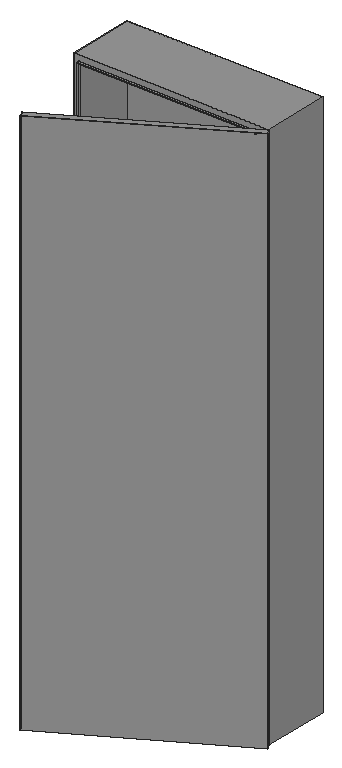
Revit family "Hager-Univers-IP54-D205-H1550-Cl.I-Encl-NoHosted-CH-de", category Equipement électrique, Revit 2020
Family settings
  Configuration du panneau = Deux colonnes, circuits au sein
  Cote de connecteur circulaire = Utiliser le diamètre
  Type d'élément = Tableau de raccordement
  Basée sur le plan de construction = Oui
  Toujours verticalement = Oui
  Couper avec des vides une fois chargée = Non
  Partagée = Non
  Point de calcul de pièce = Non
Parameters (values of type "Aufputz IP54 B550 H1550 T205  - FP02TW2")
  Width Control [instance] = if([EF000008 - Breite] > Min Width, [EF000008 - Breite], Min Width)  # 550 mm
  Commentaires du type = [HG000003 - Bereich]  # "Univers"
  Thickness Door [instance] = if([EF009171 - Materialstärke Tür/Deckel] > 3 mm, 3 mm, [EF009171 - Materialstärke Tür/Deckel])  # 1 mm
  Seal Frame Offset [instance] = 17 mm  # constant formula
  Plinth Visibility [instance] = [HG000027 - Sockelhöhe] > 0 mm  # no
  Min Width [instance] = 100 mm  # constant formula
  Min Depth [instance] = (2 * [EF009170 - Materialstärke Gehäuse]) + 1 mm  # 3 mm
  Min Height [instance] = 100 mm  # constant formula
  Internal Frame Depth [instance] = (Door System Depth * 0.5)  # 9 mm
  Panel Name [instance] = ""  # (empty or 0)
  Model = ""
  HG000027 - Sockelhöhe = 0 mm
  HG000026 - Stehend auf dem Boden = no
  HG000024 - Höhe des unteren Teils = 600 mm
  HG000023 - Gehäuse mit doppeltem Querschnitt = no
  HG000016 - 3D-Türsichtbarkeit [instance] = yes
  HG000015 - Sichtbarkeit der Türöffnung [instance] = no
  HG000014 - Tür rechts [instance] = yes
  HG000013 - Tür links [instance] = not([HG000014 - Tür rechts])  # no
  HG000012 - Türschwenkwinkel [instance] = 30.00°
  HG000010 - Asymmetrische Türen = no
  HG000009 - Doppelflügeligen Tür = no
  HG000006 - Unterputz = no
  HG000004 - Herstellerreferenz = "FP02TW2"
  HG000003 - Bereich = "Univers"
  HG000002 - Mit tür = yes
  Frame Offset Bottom [instance] = 10 mm  # constant formula
  Frame Offset [instance] = 15 mm  # constant formula
  EF015940 - Deckel mit Überdruckentlastung = no
  EF011959 - Schutzart (NEMA) = ""
  EF009554 - Anzahl der Öffnungen für Flanschplatten = 4
  EF009212 - Ausführung Deckel = "EV000116 - geschlossen"
  EF009171 - Materialstärke Tür/Deckel = 1 mm
  EF009170 - Materialstärke Gehäuse = 1 mm
  EF008873 - Nennstrom (In) = 250 A
  EF007800 - Geeignet für Blitzschutz = no
  EF006306 - Mit Schloss = no
  EF006244 - Transparenter Deckel/Tür = no
  EF005474 - Schutzart (IP) = "EV006419 - IP54"
  EF004464 - Art der Tür = "EV002646 - Einzel"
  EF004427 - Anzahl der Module = 240
  EF004293 - Schlagfestigkeit = "EV006815 - IK09"
  EF003532 - Geeignet für Außengebrauch = no
  EF002950 - Breite in Teilungseinheiten = 24
  EF001613 - Funktionserhalt = "EV000494 - ohne"
  EF001596 - Werkstoff des Gehäuses = "EV000179 - Stahl"
  EF001131 - Innentiefe = 205 mm
  EF001088 - Anbaumöglichkeit = yes
  EF000437 - Anzahl der Leitungseinführungen = 4
  EF000339 - Art der Abdeckung = "EV001012 - Deckel"
  EF000266 - Anzahl der Reihen = 10
  EF000218 - Einbautiefe = 205 mm
  EF000118 - Mit Montageplatte = no
  EF000116 - RAL-Nummer = "9010"
  EF000049 - Tiefe = 205 mm
  EF000040 - Höhe = 1550 mm
  EF000008 - Breite = 550 mm
  EF000007 - Farbe = "EV000202 - weiß"
  EF000003 - Montageart = "EV000384 - Aufputz"
  Door System Leaf Tolerance [instance] = 1.5 mm  # constant formula
  Door System Depth [instance] = 18 mm  # constant formula
  Door Height [instance] = Height Control - [HG000027 - Sockelhöhe]  # 1550 mm
  Description = ""
  Default Elevation = 1219.2 mm
  Connector Offset [instance] = Height Control / 2  # 775 mm
  Fabricant = "Hager"  # constant formula
  Height Control [instance] = if([EF000040 - Höhe] > Min Height, [EF000040 - Höhe], Min Height)  # 1550 mm
  Depth Control [instance] = if([EF000049 - Tiefe] > Min Depth, [EF000049 - Tiefe], Min Depth)  # 205 mm
  Bottom Top Plate Trim [instance] = 1.5 mm  # constant formula
  Plinth height Ctrl [instance] = if([HG000027 - Sockelhöhe] > 0 mm, [HG000027 - Sockelhöhe], 12 mm)  # 12 mm
Types (2, lengths in mm): name | Width Control | HG000004 - Herstellerreferenz | EF009554 - Anzahl der Öffnungen für Flanschplatten | EF004427 - Anzahl der Module | EF002950 - Breite in Teilungseinheiten | EF000437 - Anzahl der Leitungseinführungen | EF000008 - Breite
  Aufputz IP54 B300 H1550 T205  - FP01TW2 | 300 | "FP01TW2" | 2 | 120 | 12 | 2 | 300
  Aufputz IP54 B550 H1550 T205  - FP02TW2 | 550 | "FP02TW2" | 4 | 240 | 24 | 4 | 550
Reference planes
  plane 1 "Center (Front/Back)": y = 0
  plane 2: z = 0
  plane 3 "Center (Left/Right)": x = 0
  plane 4: y = 0
  plane 5: y = 0
  plane 6: z = 0
  plane 7: x = -275
  plane 8: x = 275
  plane 9: x = 274
  plane 10: x = -274
  plane 11: z = 0
  plane 12: z = 1
  plane 13: y = -205
  plane 14: y = -1
  plane 15: x = 0
  plane 16: y = -187
  plane 17: y = -204
  plane 18: y = -186
  plane 19: x = -259
  plane 20: x = 259
  plane 21: z = 11
  plane 22: x = -258
  plane 23: x = 258
  plane 24: z = 0
  plane 25: z = 1550
  plane 26: z = 1550
  plane 27: z = 1534
  plane 28: z = 1549
Forms (mm)
  Extrusion 1, solid, material "Hager_Steel_RAL7035_Light_Grey", detail levels medium+fine
    sketch origin (-208.679, -4572, 0) x (-1, 0, 0) y (0, -1, 0)
      loop
        line (66.321, -4385) -> (-483.679, -4385) -> (-483.679, -4572) -> (66.321, -4572) -> (66.321, -4385)
    from 0 to 1550
  Extrusion 2, void
    sketch origin (-350.771, -205, 1219.2) x (1, 0, 0) y (0, 0, 1)
      loop
        line (76.771, 329.8) -> (76.771, -1218.2) -> (624.771, -1218.2) -> (624.771, 329.8) -> (76.771, 329.8)
    from -19 to -204
  Extrusion 3, void
    sketch origin (-290.084, -187, 1219.2) x (1, 0, 0) y (0, 0, 1)
      loop
        line (31.084, -1208.2) -> (549.084, -1208.2) -> (549.084, 314.8) -> (31.084, 314.8) -> (31.084, -1208.2)
    from 0 to -1
  Extrusion 4, solid, material "Hager_Steel_RAL7035_Light_Grey", visible <- "Plinth Visibility", detail levels medium+fine
    sketch origin (0, 0, 0) x (1, 0, 0) y (0, 1, 0)
      loop
        line (-275, 0) -> (-275, -187) -> (275, -187) -> (275, 0) -> (-275, 0)
    from 0 to 12 <- "Plinth height Ctrl"
  Extrusion 5, solid, material "Hager_Steel_RAL7035_Light_Grey", detail levels coarse
    sketch origin (0, 0, 0) x (1, 0, 0) y (0, 1, 0)
      loop
        line (-275, 0) -> (-275, -205) -> (275, -205) -> (275, 0) -> (-275, 0)
    from 0 to 1550 <- "Height Control"
  Sweep 6, void
    path in 3D
      loop
        line (-275, -187, 12) -> (275, -187, 12) -> (275, 0, 12) -> (-275, 0, 12) -> (-275, -187, 12)
    profile origin (-275, -93.5, 12) x (1, 0, 0) y (0, 0, 1)
      loop
        line (0, 0) -> (0, -1.5) -> (1.5, -1.5)
        arc (1.5, -1.5) -> (1.061, -0.439) -> (0, 0) r 1.5
  Extrusion 7, solid, material "Hager_Steel_RAL7035_Light_Grey", detail levels fine
    sketch origin (-275, -187, 0) x (1, 0, 0) y (0, 0, 1)
      loop
        line (16, 11) -> (534, 11) -> (534, 1534) -> (16, 1534) -> (16, 11)
      loop
        line (15, 10) -> (535, 10) -> (535, 1535) -> (15, 1535) -> (15, 10)
    from 0 to 9 <- "Internal Frame Depth"
Cuts and joins
  Extrusion 2, Extrusion 3 cuts Extrusion 1
  Sweep 6 cuts Extrusion 4
Lines and regions (mm)
  Masking region 1
    outline origin (0, 0, 0) x (1, 0, 0) y (0, 1, 0)
      loop
        line (-275, 0) -> (-275, -205) -> (275, -205) -> (275, 0) -> (-275, 0)
  Masking region 2, detail levels coarse
    outline origin (-290.084, -187, 1219.2) x (-1, 0, 0) y (0, 0, 1)
      loop
        line (-565.084, -1219.2) -> (-15.084, -1219.2) -> (-15.084, 330.8) -> (-565.084, 330.8) -> (-565.084, -1219.2)
  Masking region 3, detail levels coarse
    outline origin (0, 0, 0) x (0, 1, 0) y (0, 0, 1)
      loop
        line (0, 0) -> (0, 1550) -> (-205, 1550) -> (-205, 0) -> (0, 0)
  Masking region 4, visible <- "Plinth Visibility", detail levels medium+fine
    outline origin (0, 0, 0) x (0, 1, 0) y (0, 0, 1)
      loop
        line (-1.5, 12) -> (-185.5, 12)
        arc (-185.5, 12) -> (-185.939, 10.939) -> (-187, 10.5) r 1.5
        line (-187, 10.5) -> (-187, 0) -> (0, 0) -> (0, 10.5)
        arc (0, 10.5) -> (-1.061, 10.939) -> (-1.5, 12) r 1.5
  Masking region 5, detail levels medium+fine
    outline origin (0, 0, 594.038) x (0, 1, 0) y (0, 0, 1)
      loop
        line (0, -594.038) -> (0, 955.962) -> (-187, 955.962) -> (-187, -594.038) -> (0, -594.038)
  Masking region 6, detail levels medium+fine
    outline origin (-359.7, -187, 1211.883) x (-1, 0, 0) y (0, 0, 1)
      loop
        line (-634.7, -1211.883) -> (-84.7, -1211.883) -> (-84.7, 338.117) -> (-634.7, 338.117) -> (-634.7, -1211.883)
  Masking region 7, visible <- "Plinth Visibility", detail levels medium+fine
    outline origin (-320.334, -187, 1041.368) x (-1, 0, 0) y (0, 0, 1)
      loop
        line (-595.334, -1041.368) -> (-45.334, -1041.368) -> (-45.334, -1030.868)
        arc (-45.334, -1030.868) -> (-46.394, -1030.429) -> (-46.834, -1029.368) r 1.5
        line (-46.834, -1029.368) -> (-593.834, -1029.368)
        arc (-593.834, -1029.368) -> (-594.273, -1030.429) -> (-595.334, -1030.868) r 1.5
        line (-595.334, -1030.868) -> (-595.334, -1041.368)
  sketch lines
    curve 1: line (-275, 0, 12) -> (-275, -187, 12)
    curve 2: line (-275, -187, 12) -> (275, -187, 12)
    curve 3: line (275, 0, 12) -> (-275, 0, 12)
    curve 4: line (275, -187, 12) -> (275, 0, 12)
Dimensions and locks
  locked: plane 1 "Center (Front/Back)" to plane 5
  "EF009170 - Materialstärke Gehäuse": plane 7 to plane 10
  "EF009170 - Materialstärke Gehäuse": plane 8 to plane 9
  equal spacing: plane 7, plane 3 "Center (Left/Right)", plane 8
  "Width Control": plane 7 to plane 8
  "Depth Control": plane 4 to plane 13
  "EF009170 - Materialstärke Gehäuse": plane 4 to plane 14
  "Height Control": plane 25 to level
  "HG000027 - Sockelhöhe": plane 11 to level
  "EF009170 - Materialstärke Gehäuse": plane 12 to plane 11
  "EF009170 - Materialstärke Gehäuse": plane 17 to plane 13
  "EF009170 - Materialstärke Gehäuse": plane 18 to plane 16
  "Frame Offset Bottom": plane 21 to plane 12
  "Frame Offset": plane 10 to plane 19
  "Frame Offset": plane 9 to plane 20
  "Door System Depth": plane 16 to plane 13
  "Seal Frame Offset": plane 7 to plane 22
  "Seal Frame Offset": plane 8 to plane 23
  "EF009170 - Materialstärke Gehäuse": plane 26 to plane 28
  "Frame Offset": plane 28 to plane 27
  "Connector Offset": plane 2 to connector elem
  "Bottom Top Plate Trim": profile plane to Sweep 6 sketch curve
  "Bottom Top Plate Trim": Sweep 6 sketch curve to Sweep 6 sketch curve
  "Plinth height Ctrl": Masking region 4 sketch curve to level
  "Plinth height Ctrl": Masking region 7 sketch curve to level
  "Thickness Door": Extrusion 7 sketch curve to Extrusion 7 sketch curve  (x4)
  "Bottom Top Plate Trim": radius of Sweep 6 sketch curve
  "Bottom Top Plate Trim": radius of Masking region 4 sketch curve  (x2)
  "Bottom Top Plate Trim": radius of Masking region 7 sketch curve  (x2)
  aligned and locked: Extrusion 2 sketch curve to plane 12
  aligned and locked: Extrusion 2 sketch curve to plane 9
  aligned and locked: Extrusion 2 sketch curve to plane 10
  aligned and locked: plane 14 to Extrusion 2
  aligned and locked: plane 4 to Extrusion 1 sketch curve
  aligned and locked: plane 8 to Extrusion 1 sketch curve
  aligned and locked: plane 7 to Extrusion 1 sketch curve
  aligned and locked: Extrusion 2 to plane 18
  aligned and locked: Extrusion 3 sketch curve to plane 19
  aligned and locked: plane 20 to Extrusion 3 sketch curve
  aligned and locked: Extrusion 3 to Extrusion 2
  aligned and locked: Extrusion 3 sketch curve to plane 21
  aligned and locked: plane 3 "Center (Left/Right)" to nested 1
  aligned and locked: Extrusion 1 sketch curve to plane 16
  aligned and locked: Extrusion 4 sketch curve to cut or joined group of Extrusion 1, Extrusion 2, Extrusion 3
  aligned and locked: Masking region 1 sketch curve to plane 7
  aligned and locked: Masking region 1 sketch curve to plane 5
  aligned and locked: Masking region 1 sketch curve to plane 8
  aligned and locked: Masking region 2 sketch curve to level
  aligned and locked: level to Masking region 3 sketch curve
  aligned and locked: plane 1 "Center (Front/Back)" to Masking region 3 sketch curve
  aligned and locked: plane 13 to Masking region 3 sketch curve
  aligned and locked: plane 5 to Masking region 4 sketch curve
  aligned and locked: Masking region 2 sketch curve to plane 8
  aligned and locked: Masking region 2 sketch curve to plane 7
  aligned and locked: plane 7 to nested 2
  aligned and locked: nested 2 to plane 5
  aligned and locked: plane 5 to Masking region 5 sketch curve
  aligned and locked: plane 26 to Masking region 5 sketch curve
  aligned and locked: Extrusion 5 sketch curve to plane 8
  aligned and locked: Extrusion 5 sketch curve to plane 7
  aligned and locked: Extrusion 5 sketch curve to plane 5
  aligned and locked: Extrusion 3 sketch curve to plane 27
  aligned and locked: Extrusion 2 sketch curve to plane 28
  aligned and locked: Masking region 2 to plane 25
  aligned and locked: Extrusion 4 to plane 16
  aligned and locked: profile plane to Sweep 6 sketch curve
  aligned and locked: Masking region 5 sketch curve to plane 24
  aligned and locked: level to Masking region 4 sketch curve
  aligned and locked: Masking region 1 to plane 13
  aligned and locked: nested 1 to plane 16
  aligned and locked: Masking region 3 to plane 25
  aligned and locked: plane 16 to Masking region 4 sketch curve
  aligned and locked: Masking region 5 sketch curve to plane 16
  aligned and locked: plane 24 to plane 11
  aligned and locked: plane 26 to plane 25
  aligned and locked: plane 26 to cut or joined group of Extrusion 1, Extrusion 2, Extrusion 3
  aligned and locked: nested 1 to plane 24
  aligned and locked: Extrusion 1 to Extrusion 3
  aligned and locked: Masking region 6 sketch curve to plane 8
  aligned and locked: Masking region 6 sketch curve to plane 24
  aligned and locked: Masking region 6 sketch curve to plane 7
  aligned and locked: Masking region 6 sketch curve to plane 26
  aligned and locked: Masking region 7 sketch curve to plane 7
  aligned and locked: level to Masking region 7 sketch curve
  aligned and locked: Masking region 7 sketch curve to plane 8
  aligned and locked: Extrusion 7 sketch curve to cut or joined group of Extrusion 1, Extrusion 2, Extrusion 3  (x4)
Automatic sketch dimensions
  plane 19 to Extrusion 3 sketch curve = 0 mm
  Extrusion 3 sketch curve to plane 20 = 0 mm
  Extrusion 3 sketch curve to plane 21 = 0 mm
  Extrusion 4 sketch curve to plane 7 = 0 mm
  Extrusion 4 sketch curve to plane 8 = 0 mm
  Extrusion 4 sketch curve to plane 16 = 0 mm
  Masking region 1 sketch curve to plane 13 = 0 mm
  Masking region 2 sketch curve to plane 25 = 0 mm
  Masking region 3 sketch curve to plane 25 = 0 mm
  Extrusion 5 sketch curve to plane 13 = 0 mm
  profile plane to Sweep 6 sketch curve = 0 mm
Nested families
  nested 1: "EC000058_Univers_Door" at (0, -187, 0), Double <- "HG000009 - Doppelflügeligen Tür", Transparent <- "EF006244 - Transparenter Deckel/Tür", Angle <- "HG000012 - Türschwenkwinkel", Door_Right <- "HG000014 - Tür rechts", Assymetrical <- "HG000010 - Asymmetrische Türen", Door <- "HG000002 - Mit tür", Width_Ctrl <- "Width Control", 3d_Door <- "HG000016 - 3D-Türsichtbarkeit", Clearance <- "HG000015 - Sichtbarkeit der Türöffnung", Door_Left <- "HG000013 - Tür links", Width <- "Width Control", Door_Depth <- "Door System Depth", Leaf_Tolerance <- "Door System Leaf Tolerance", Height <- "Door Height", Lock_Visibility <- "EF006306 - Mit Schloss", Thickness <- "Thickness Door", type "EC000058_Univers_Door", detail levels medium+fine
    with min_wh 3 mm, Width_Ctrl 550 mm, Width 550 mm, Transparent no, Thickness 1 mm, Seal_Material Hager_Rubber, Lock_Visibility no, Lock_Material Hager_Plastic_RAL9005_Jet_Black, Leaf_Width 550 mm, Leaf_Tolerance_External_Sides 0 mm, Leaf_Tolerance 1.5 mm, Leaf_Offset 0 mm, Leaf_Height 1547 mm, Leaf_2_Width 550 mm, Leaf_2_Offset 275 mm, Leaf_1_Width 550 mm, Leaf_1_Offset 275 mm, Height_Ctrl 1550 mm, Height 1550 mm, Glass_Material Hager_Glass, Double_Clearance_Ctrl no, Double no, Door_Right_Ctrl yes, Door_Right yes, Door_Material Hager_Steel_RAL7035_Light_Grey, Door_Left_Ctrl no, Door_Left no, Door_Depth 18 mm, Door yes, Clearance_Material Hager_Clearance, Clearance_Depth 550 mm, Clearance_Ctrl no, Clearance no, Assymetrical no, Angle 30.00°, 3d_Door yes
  nested 2: "Hager_Enclosure_Symbol" at (-275, 0, 0), Height <- "Depth Control", Width <- "Width Control", type "Hager_Enclosure_Symbol"
    with Width_Ctrl 550 mm, Width 550 mm, Height_Ctrl 205 mm, Height 205 mm, A_Width_Int 13.453 mm, A_Width 161.438 mm, A_Height_Ctrl 179.375 mm, A_Height 179.375 mm
Connectors
  electrical at (0, 0, 775)
    settings: on plane 1 "Center (Front/Back)", index 1, voltage 0 V, apparent load 0 VA, apparent load phase1 0 VA, apparent load phase2 0 VA, apparent load phase3 0 VA, power factor 1, load classification "Other", number of poles 1, system type 30, power factor state 1, is connector primary yes, connector utility no, sub classification motor no, connector description ""
Definition of nested family "EC000058_Univers_Door"
  Parameters (values of type "EC000058_Univers_Door")
    min_wh [instance] = (2 * Thickness) + 1 mm  # 11 mm
    Width_Ctrl [instance] = 400 mm
    Width [instance] = 500 mm
    Transparent [instance] = yes
    Thickness [instance] = 5 mm
    Seal_Material [instance] = none
    Lock_Visibility [instance] = yes
    Lock_Material [instance] = none
    Leaf_Width [instance] = if((Width_Ctrl - 2 * Leaf_Tolerance_External_Sides) > 0 mm, (Width_Ctrl - 2 * Leaf_Tolerance_External_Sides), min_wh)  # 400 mm
    Leaf_Tolerance_External_Sides [instance] = 0 mm  # constant formula
    Leaf_Tolerance [instance] = 1.5 mm
    Leaf_Offset [instance] = 0 mm  # constant formula
    Leaf_Height [instance] = if((Height_Ctrl - 2 * Leaf_Tolerance) > 0 mm, (Height_Ctrl - 2 * Leaf_Tolerance), min_wh)  # 497 mm
    Leaf_2_Width [instance] = if(and(and(Double, Assymetrical), Door_Left), (Leaf_Width / 3) - (Leaf_Tolerance / 2), if(and(and(Double, Assymetrical), Door_Right), (Leaf_Width / 3) * 2 - (Leaf_Tolerance / 2), if(and(Double, not(Assymetrical)), (Leaf_Width / 2) - Leaf_Tolerance, Leaf_Width)))  # 400 mm
    Leaf_2_Offset [instance] = if(and(Double, Assymetrical), Leaf_2_Width / 2, if(and(Double, not(Assymetrical)), Leaf_Width / 4, Leaf_Width / 2))  # 200 mm
    Leaf_1_Width [instance] = if(and(and(Double, Assymetrical), Door_Right), (Leaf_Width / 3) - (Leaf_Tolerance / 2), if(and(and(Double, Assymetrical), Door_Left), (Width / 3) * 2 - (Leaf_Tolerance / 2), if(and(Double, not(Assymetrical)), (Leaf_Width / 2) - Leaf_Tolerance, Leaf_Width)))  # 400 mm
    Leaf_1_Offset [instance] = if(and(Double, Assymetrical), Leaf_1_Width / 2, if(and(Double, not(Assymetrical)), Leaf_Width / 4, Leaf_Width / 2))  # 200 mm
    Height_Ctrl [instance] = if(Height > min_wh, Height, min_wh)  # 500 mm
    Height [instance] = 500 mm
    Glass_Material [instance] = none
    Double_Clearance_Ctrl [instance] = and(Double, Clearance)  # no
    Double [instance] = no
    Door_Right_Ctrl [instance] = and(or(Door_Right, Double), Door)  # yes
    Door_Right [instance] = yes
    Door_Material [instance] = none
    Door_Left_Ctrl [instance] = and(or(Door_Left, Double), Door)  # no
    Door_Left [instance] = no
    Door_Depth [instance] = 30 mm
    Door [instance] = yes
    Default Elevation = 1219.2 mm
    Clearance_Material [instance] = none
    Clearance_Depth [instance] = if(Leaf_1_Width > Leaf_2_Width, Leaf_1_Width, Leaf_2_Width)  # 400 mm
    Clearance_Ctrl [instance] = and(not(Double), Clearance)  # yes
    Clearance [instance] = yes
    Assymetrical [instance] = yes
    Angle [instance] = 30.00°
    3d_Door [instance] = yes
  Reference planes
    plane 1 "Center (Front/Back)": y = 0
    plane 2 "Bottom": z = 0
    plane 3 "Center (Left/Right)": x = 0
    plane 4: z = 500
    plane 5: x = -200
    plane 6: x = 200
    plane 7: z = 500
    plane 8: x = -200
    plane 9: z = 0
    plane 10: x = 200
    plane 11: y = 0
    plane 12: z = 1.5
    plane 13: x = -600
    plane 14: y = -400
    plane 15: x = 600
    plane 16: x = 0
    plane 17: x = 0
    plane 18: x = -200
    plane 19: x = 200
    plane 20: z = 498.5
  Forms (mm)
    Extrusion 1, solid, material <- "Clearance_Material", visible <- "Double_Clearance_Ctrl"
      sketch origin (1200, 0, 0) x (1, 0, 0) y (0, 0, -1)
        loop
          line (-1800, -498.5) -> (-600, -498.5) -> (-600, 0) -> (-1800, 0) -> (-1800, -498.5)
      from 0 to -400
  Dimensions and locks
    equal spacing: plane 5, plane 3 "Center (Left/Right)", plane 6
    "Width_Ctrl": plane 5 to plane 6
    "Leaf_Offset": plane 5 to plane 8
    "Leaf_Offset": plane 6 to plane 10
    "Leaf_Offset": plane 9 to level
    "Leaf_Offset": plane 4 to plane 7
    "Height_Ctrl": plane 4 to level
    "Leaf_Tolerance": plane 12 to plane 9
    locked: plane 11 to plane 1 "Center (Front/Back)"
    "Leaf_1_Offset": plane 18 to plane 16
    "Leaf_2_Offset": plane 17 to plane 19
    "Leaf_1_Width": plane 13 to plane 8
    "Leaf_2_Width": plane 10 to plane 15
    "Clearance_Depth": plane 14 to plane 1 "Center (Front/Back)"
    "Leaf_Tolerance_External_Sides": plane 8 to plane 18
    "Leaf_Tolerance_External_Sides": plane 19 to plane 10
    "Leaf_Tolerance": plane 7 to plane 20
    aligned and locked: level to plane 2 "Bottom"
    aligned and locked: nested 1 to plane 16
    aligned and locked: nested 2 to plane 17
    aligned and locked: Extrusion 1 to plane 13
    aligned and locked: plane 15 to Extrusion 1
    aligned and locked: Extrusion 1 to plane 14
    aligned and locked: plane 12 to nested 1
    aligned and locked: nested 2 to plane 12
    aligned and locked: Extrusion 1 to plane 11
    aligned and locked: plane 20 to Extrusion 1
    aligned and locked: nested 2 to plane 11
    aligned and locked: nested 1 to plane 11
  Automatic sketch dimensions
    Extrusion 1 sketch curve to level = 0 mm
    plane 5 to Extrusion 1 sketch curve = 400 mm
    plane 6 to Extrusion 1 sketch curve = 400 mm
    Extrusion 1 sketch curve to plane 4 = 1.5 mm
  Nested families
    nested 1: "EC000058_Univers_Door_Leaf" at (0, 0, 1.5), Width <- "Leaf_1_Width", visible <- "Door_Left_Ctrl", Leaf_Height <- "Leaf_Height", Angle <- "Angle", 3d_Door <- "3d_Door", Transparent <- "Transparent", Clearance Material <- "Clearance_Material", Clearance <- "Clearance_Ctrl", Door_Material <- "Door_Material", Glass_Material <- "Glass_Material", Door_Depth <- "Door_Depth", Lock_Material <- "Lock_Material", Seal_Material <- "Seal_Material", Lock_Visibility <- "Lock_Visibility", Thickness <- "Thickness", type "EC000058_Univers_Door_Leaf"
      with Width 400 mm, Transparent_Glass_Offset 30 mm, Transparent_Ctrl yes, Transparent yes, Thickness 5 mm, Standard no, Seal_Material none, Seal_D2 8 mm, Seal_D1 1 mm, Offset_Internal_Frame 10 mm, Lock_Width 20 mm, Lock_Visibility_3d yes, Lock_Visibility yes, Lock_Thickness_3 3 mm, Lock_Thickness_2 1 mm, Lock_Thickness_1 3 mm, Lock_Radius_Offset_2 16 mm, Lock_Radius_Offset_1 15 mm, Lock_Radius_2 5 mm, Lock_Radius 6 mm, Lock_Offset 5 mm, Lock_Material none, Lock_Height 80 mm, Lock_Cover_Top_Offset_2d 17 mm, Lock_Cover_Height -65 mm, Leaf_Height 497 mm, Internal_Seal_Thickness 8 mm, Internal_Seal_Depth_2 4.5 mm, Internal_Frame_Depth 25 mm, Glass_Thickness -1 mm, Glass_Offset -2 mm, Glass_Material none, Door_Material none, Door_Depth 30 mm, Clearance Material none, Clearance yes, Angle_Ctrl 30.00°, Angle 30.00°, 3d_Door yes
    nested 2: "EC000058_Univers_Door_Leaf" at (0, 0, 1.5) x (-1, 0, 0) z (0, 0, 1), Width <- "Leaf_2_Width", visible <- "Door_Right_Ctrl", Leaf_Height <- "Leaf_Height", Angle <- "Angle", 3d_Door <- "3d_Door", Transparent <- "Transparent", Clearance Material <- "Clearance_Material", Clearance <- "Clearance_Ctrl", Door_Material <- "Door_Material", Glass_Material <- "Glass_Material", Door_Depth <- "Door_Depth", Lock_Material <- "Lock_Material", Seal_Material <- "Seal_Material", Lock_Visibility <- "Lock_Visibility", Thickness <- "Thickness", type "EC000058_Univers_Door_Leaf"
      with Width 400 mm, Transparent_Glass_Offset 30 mm, Transparent_Ctrl yes, Transparent yes, Thickness 5 mm, Standard no, Seal_Material none, Seal_D2 8 mm, Seal_D1 1 mm, Offset_Internal_Frame 10 mm, Lock_Width 20 mm, Lock_Visibility_3d yes, Lock_Visibility yes, Lock_Thickness_3 3 mm, Lock_Thickness_2 1 mm, Lock_Thickness_1 3 mm, Lock_Radius_Offset_2 16 mm, Lock_Radius_Offset_1 15 mm, Lock_Radius_2 5 mm, Lock_Radius 6 mm, Lock_Offset 5 mm, Lock_Material none, Lock_Height 80 mm, Lock_Cover_Top_Offset_2d 17 mm, Lock_Cover_Height -65 mm, Leaf_Height 497 mm, Internal_Seal_Thickness 8 mm, Internal_Seal_Depth_2 4.5 mm, Internal_Frame_Depth 25 mm, Glass_Thickness -1 mm, Glass_Offset -2 mm, Glass_Material none, Door_Material none, Door_Depth 30 mm, Clearance Material none, Clearance yes, Angle_Ctrl 30.00°, Angle 30.00°, 3d_Door yes
  Definition of nested family "EC000058_Univers_Door_Leaf"
    Parameters (values of type "EC000058_Univers_Door_Leaf")
      Width [instance] = 2000 mm
      Transparent_Glass_Offset [instance] = 30 mm
      Transparent_Ctrl [instance] = and(Transparent, [3d_Door])  # yes
      Transparent [instance] = yes
      Thickness [instance] = 5 mm
      Standard [instance] = and(not(Transparent), [3d_Door])  # no
      Seal_Material [instance] = none
      Seal_D2 [instance] = 8 mm  # constant formula
      Seal_D1 [instance] = 1 mm  # constant formula
      Offset_Internal_Frame [instance] = 10 mm  # constant formula
      Lock_Width [instance] = 20 mm  # constant formula
      Lock_Visibility_3d [instance] = and(Lock_Visibility, [3d_Door])  # yes
      Lock_Visibility [instance] = yes
      Lock_Thickness_3 [instance] = 3 mm  # constant formula
      Lock_Thickness_2 [instance] = 1 mm  # constant formula
      Lock_Thickness_1 [instance] = 3 mm  # constant formula
      Lock_Radius_Offset_2 [instance] = Lock_Radius_Offset_1 + 1 mm  # 16 mm
      Lock_Radius_Offset_1 [instance] = 15 mm  # constant formula
      Lock_Radius_2 [instance] = Lock_Radius - 1 mm  # 5 mm
      Lock_Radius [instance] = 6 mm  # constant formula
      Lock_Offset [instance] = 5 mm  # constant formula
      Lock_Material [instance] = none
      Lock_Height [instance] = 80 mm  # constant formula
      Lock_Cover_Top_Offset_2d [instance] = Lock_Radius_Offset_2 + 1 mm  # 17 mm
      Lock_Cover_Height [instance] = -(Lock_Height - Lock_Radius_Offset_1)  # -65 mm
      Leaf_Height [instance] = 2720.336 mm
      Internal_Seal_Thickness [instance] = 8 mm  # constant formula
      Internal_Seal_Depth_2 [instance] = 4.5 mm  # constant formula
      Internal_Frame_Depth [instance] = if(Door_Depth - Thickness > 5 mm, Door_Depth - Thickness, 5 mm)  # 25 mm
      Glass_Thickness [instance] = if(Thickness > 15 mm, Glass_Offset + 10 mm, -1 mm)  # -1 mm
      Glass_Offset [instance] = if(Thickness > 15 mm, -(Thickness + 10 mm) / 2, -2 mm)  # -2 mm
      Glass_Material [instance] = none
      Door_Material [instance] = none
      Door_Depth [instance] = 30 mm
      Default Elevation = 0 mm
      Clearance Material [instance] = none
      Clearance [instance] = yes
      Angle_Ctrl [instance] = if(Angle > 180.00°, 180.00°, Angle)  # 90.00°
      Angle [instance] = 90.00°
      3d_Door [instance] = yes
    Reference planes
      plane 1 "Center (Front/Back)": y = 0
      plane 2: z = 0
      plane 3 "Center (Left/Right)": x = 0
      plane 4: y = 2000
      plane 5: x = -1000
      plane 6: x = 1000
      plane 7: x = -3000
      plane 8: z = 2720.336
      plane 9: z = 30
      plane 10: z = 2690.336
      plane 11: x = 970
      plane 12: x = -970
      plane 13: y = -3
      plane 14: z = 107.833
      plane 15: y = -5
      plane 16: y = -223.314
      plane 17: x = -1000
      plane 18: z = 1360.168
      plane 19: y = 30
    Forms (mm)
      Extrusion 1, solid, material <- "Clearance Material", visible <- "Clearance"
        sketch origin (0, 0, 0) x (1, 0, 0) y (0, 0, 1)
          loop
            line (-3000, 2720.336) -> (-3000, 0) -> (1000, 0) -> (1000, 2720.336) -> (-3000, 2720.336)
        from 0 to -2000
      Extrusion 2, solid, material <- "Door_Material", visible <- "Standard", detail levels medium+fine
        sketch origin (-1000, 0, 0) x (0, 1, 0) y (-1, 0, 0)
          loop
            line (0, 30) -> (0, 25) -> (2000, 25) -> (2000, 30) -> (0, 30)
        from 0 to 2720.336 <- "Leaf_Height"
      Extrusion 3, solid, material <- "Door_Material", visible <- "Transparent_Ctrl", detail levels medium+fine
        sketch origin (-1000, 0, 0) x (0, 1, 0) y (-1, 0, 0)
          loop
            line (0, 25) -> (2000, 25) -> (2000, 30) -> (0, 30) -> (0, 25)
        from 0 to 2720.336 <- "Leaf_Height"
      Extrusion 4, void
        sketch origin (-1025, 2000, 0) x (0, 1, 0) y (0, 0, -1)
          loop
            line (-30, -2690.336) -> (-30, -30) -> (-1970, -30) -> (-1970, -2690.336) -> (-30, -2690.336)
        from 0 to 5 <- "Thickness"
      Sweep 5, solid, material <- "Seal_Material", visible <- "Transparent_Ctrl", detail levels fine
        path in 3D
          loop
            line (-1025, 30, 30) -> (-1025, 30, 2690.336) -> (-1025, 1970, 2690.336) -> (-1025, 1970, 30) -> (-1025, 30, 30)
        profile origin (-1025, 1000, 30) x (1, 0, 0) y (0, 0, 1)
          loop
            line (0, 0) -> (0, -8) -> (1, -8) -> (1, 0) -> (0, 0)
      Extrusion 6, solid, material <- "Glass_Material", visible <- "Transparent_Ctrl", detail levels medium+fine
        sketch origin (-1030, 0, 0) x (0, 1, 0) y (0, 0, -1)
          loop
            line (1970, -2690.336) -> (1970, -30) -> (30, -30) -> (30, -2690.336) -> (1970, -2690.336)
        from -2 <- "Glass_Offset" to -1 <- "Glass_Thickness"
      Extrusion 7, solid, material <- "Door_Material", visible <- "3d_Door", detail levels medium+fine
        sketch origin (-1025, 2000, 0) x (0, -1, 0) y (0, 0, -1)
          loop
            line (0, -2720.336) -> (2000, -2720.336) -> (2000, 0) -> (0, 0) -> (0, -2720.336)
          loop
            line (1995, -5) -> (5, -5) -> (5, -2715.336) -> (1995, -2715.336) -> (1995, -5)
        from 0 to 25 <- "Internal_Frame_Depth"
      Sweep 8, solid, material <- "Seal_Material", visible <- "Transparent_Ctrl", detail levels fine
        path in 3D
          loop
            line (-1025, 0, 0) -> (-1025, 2000, 0) -> (-1025, 2000, 2720.336) -> (-1025, 0, 2720.336) -> (-1025, 0, 0)
        profile origin (-1025, 0, 1360.168) x (1, 0, 0) y (0, 1, 0)
          loop
            line (0, 10) -> (2.975, 10)
            arc (2.975, 10) -> (4.053, 10.447) -> (4.5, 11.525) r 1.525
            line (4.5, 11.525) -> (4.5, 16.527)
            arc (4.5, 16.527) -> (4.069, 17.569) -> (3.027, 18) r 1.473
            line (3.027, 18) -> (0, 18) -> (0, 10)
      Extrusion 9, solid, material <- "Lock_Material", visible <- "Lock_Visibility_3d", detail levels fine
        sketch origin (-1030, 0, 0) x (0, 1, 0) y (0, 0, -1)
          loop
            arc (1993.5, -1400.168) -> (1994.561, -1399.729) -> (1995, -1398.668) r 1.5
            line (1995, -1398.668) -> (1995, -1320.168) -> (1975, -1320.168) -> (1975, -1398.668)
            arc (1975, -1398.668) -> (1975.439, -1399.729) -> (1976.5, -1400.168) r 1.5
            line (1976.5, -1400.168) -> (1993.5, -1400.168)
        from 3 <- "Lock_Thickness_1" to 0
      Blend 10, solid, material <- "Lock_Material", visible <- "Lock_Visibility_3d", detail levels fine
        base sketch origin (-1033, 0, 0) x (0, 1, 0) y (0, 0, -1)
          loop
            line (1975, -1320.168) -> (1975, -1398.668)
            arc (1975, -1398.668) -> (1975.439, -1399.729) -> (1976.5, -1400.168) r 1.5
            line (1976.5, -1400.168) -> (1993.5, -1400.168)
            arc (1993.5, -1400.168) -> (1994.561, -1399.729) -> (1995, -1398.668) r 1.5
            line (1995, -1398.668) -> (1995, -1320.168) -> (1975, -1320.168)
        top sketch origin (-1033, 0, 0) x (0, 1, 0) y (0, 0, -1)
          loop
            line (1976, -1320.168) -> (1976, -1398.668)
            arc (1976, -1398.668) -> (1976.146, -1399.022) -> (1976.5, -1399.168) r 0.5
            line (1976.5, -1399.168) -> (1993.5, -1399.168)
            arc (1993.5, -1399.168) -> (1993.854, -1399.022) -> (1994, -1398.668) r 0.5
            line (1994, -1398.668) -> (1994, -1320.168) -> (1976, -1320.168)
        from 0 to 1 <- "Lock_Thickness_2"
      Blend 11, solid, material <- "Lock_Material", visible <- "Lock_Visibility_3d", detail levels fine
        base sketch origin (-1034, 0, 0) x (0, 1, 0) y (0, 0, -1)
          loop
            line (1978, -1320.168) -> (1978, -1384.168)
            arc (1978, -1384.168) -> (1985, -1391.168) -> (1992, -1384.168) r 7
            line (1992, -1384.168) -> (1992, -1320.168) -> (1978, -1320.168)
        top sketch origin (-1034, 0, 0) x (0, 1, 0) y (0, 0, -1)
          loop
            line (1991, -1320.168) -> (1979, -1320.168) -> (1979, -1383.168)
            arc (1979, -1383.168) -> (1985, -1389.168) -> (1991, -1383.168) r 6
            line (1991, -1383.168) -> (1991, -1320.168)
        from 0 to 3 <- "Lock_Thickness_3"
      Extrusion 12, solid, material <- "Lock_Material", visible <- "Lock_Visibility_3d", detail levels fine
        sketch origin (-1030, 1975, 1320.168) x (1, 0, 0) y (0, -1, 0)
          loop
            line (-7, -19) -> (-7, -1) -> (0, -1) -> (0, 0) -> (-8, 0) -> (-8, -20) -> (0, -20) -> (0, -19) -> (-7, -19)
        from 0 to -65 <- "Lock_Cover_Height"
      Extrusion 13, void
        sketch origin (-1038, 1995, 1320.168) x (-1, 0, 0) y (0, 0, -1)
          loop
            line (-5, -65) -> (0, -65) -> (-5, -60) -> (-5, -65)
        from 0 to 20 <- "Lock_Width"
      Extrusion 14, void
        sketch origin (-1038, 1975, 1320.168) x (0, -1, 0) y (0, 0, -1)
          loop
            circle (-10, -15.995) r 6
          loop
            circle (-10, -15.995) r 5
        from 0 to 2
      Extrusion 15, solid, material <- "Lock_Material", visible <- "Lock_Visibility_3d", detail levels medium
        sketch origin (-1030, 0, 0) x (0, 1, 0) y (0, 0, -1)
          loop
            arc (1993.5, -1400.168) -> (1994.561, -1399.729) -> (1995, -1398.668) r 1.5
            line (1995, -1398.668) -> (1995, -1320.168) -> (1975, -1320.168) -> (1975, -1398.668)
            arc (1975, -1398.668) -> (1975.439, -1399.729) -> (1976.5, -1400.168) r 1.5
            line (1976.5, -1400.168) -> (1993.5, -1400.168)
        from 8 to 0
    Cuts and joins
      Extrusion 4 cuts Extrusion 3
      Extrusion 13, Extrusion 14 cuts Extrusion 9
      Extrusion 14 cuts Blend 11
      Extrusion 13, Extrusion 14 cuts Extrusion 12
      joined: Extrusion 9, Blend 10, Blend 11, Extrusion 12
      Extrusion 14 cuts Extrusion 15
    Lines and regions (mm)
      Masking region 1, visible <- "Lock_Visibility", detail levels fine
        outline origin (0, 0, 0) x (0, 1, 0) y (0, 0, 1)
          loop
            line (30, 1320.168) -> (33, 1320.168) -> (33, 1400.168) -> (30, 1400.168) -> (30, 1320.168)
      Masking region 2, visible <- "Lock_Visibility", detail levels fine
        outline origin (0, 3.143, 0) x (0, 1, 0) y (0, 0, 1)
          loop
            line (29.857, 1354.168) -> (30.857, 1354.168) -> (30.857, 1366.168) -> (29.857, 1366.168) -> (29.857, 1354.168)
      Masking region 3, detail levels medium+fine
        outline origin (0, 0, 0) x (0, 1, 0) y (0, 0, 1)
          loop
            line (0, 0) -> (30, 0) -> (30, 2720.336) -> (0, 2720.336) -> (0, 0)
      Masking region 4, detail levels medium+fine
        outline origin (0, 0, 0) x (1, 0, 0) y (0, 0, 1)
          loop
            line (-1000, 2720.336) -> (-1000, 0) -> (1000, 0) -> (1000, 2720.336) -> (-1000, 2720.336)
      Masking region 5, visible <- "Lock_Visibility", detail levels fine
        outline origin (-47.116, 0, 0) x (1, 0, 0) y (0, 0, 1)
          loop
            arc (1024.616, 1399.168) -> (1023.556, 1398.729) -> (1023.116, 1397.668) r 1.5
            line (1023.116, 1397.668) -> (1023.116, 1320.168) -> (1041.116, 1320.168) -> (1041.116, 1397.668)
            arc (1041.116, 1397.668) -> (1040.677, 1398.729) -> (1039.616, 1399.168) r 1.5
            line (1039.616, 1399.168) -> (1024.616, 1399.168)
      Masking region 6, visible <- "Lock_Visibility", detail levels medium+fine
        outline origin (-25, 0, 0) x (1, 0, 0) y (0, 0, 1)
          loop
            arc (1001.5, 1400.168) -> (1000.439, 1399.729) -> (1000, 1398.668) r 1.5
            line (1000, 1398.668) -> (1000, 1320.168) -> (1020, 1320.168) -> (1020, 1398.668)
            arc (1020, 1398.668) -> (1019.561, 1399.729) -> (1018.5, 1400.168) r 1.5
            line (1018.5, 1400.168) -> (1001.5, 1400.168)
      Masking region 7, visible <- "Lock_Visibility", detail levels fine
        outline origin (-73.735, 0, 0) x (1, 0, 0) y (0, 0, 1)
          loop
            line (1051.735, 1382.168) -> (1065.735, 1382.168) -> (1065.735, 1384.168)
            arc (1065.735, 1384.168) -> (1058.735, 1391.168) -> (1051.735, 1384.168) r 7
            line (1051.735, 1384.168) -> (1051.735, 1382.168)
      Masking region 8, visible <- "Lock_Visibility", detail levels fine
        outline origin (-73.735, 0, 0) x (1, 0, 0) y (0, 0, 1)
          loop
            line (1052.735, 1382.168) -> (1064.735, 1382.168) -> (1064.735, 1383.168)
            arc (1064.735, 1383.168) -> (1058.735, 1389.168) -> (1052.735, 1383.168) r 6
            line (1052.735, 1383.168) -> (1052.735, 1382.168)
      Masking region 9, visible <- "Lock_Visibility", detail levels fine
        outline origin (-25, 0, 0) x (1, 0, 0) y (0, 0, 1)
          loop
            line (1020, 1320.168) -> (1020, 1382.168) -> (1000, 1382.168) -> (1000, 1320.168) -> (1020, 1320.168)
      Masking region 10, detail levels medium+fine
        outline origin (0, 0, 0) x (1, 0, 0) y (0, 0, 1)
          loop
            circle (985, 1335.144) r 6
      Masking region 11, detail levels fine
        outline origin (0, 0, 0) x (1, 0, 0) y (0, 0, 1)
          loop
            circle (985, 1335.144) r 5
      Masking region 12, visible <- "Lock_Visibility", detail levels fine
        outline origin (0, 12.767, 0) x (0, 1, 0) y (0, 0, 1)
          loop
            line (20.233, 1320.168) -> (21.233, 1320.168) -> (21.233, 1399.168) -> (20.233, 1400.168) -> (20.233, 1320.168)
      Masking region 13, visible <- "Lock_Visibility", detail levels fine
        outline origin (0, 13.767, -10) x (0, 1, 0) y (0, 0, 1)
          loop
            line (20.233, 1330.168) -> (23.233, 1330.168) -> (23.233, 1399.168) -> (20.233, 1402.168) -> (20.233, 1330.168)
      Masking region 14, visible <- "Lock_Visibility", detail levels fine
        outline origin (0, 12.767, -10) x (0, 1, 0) y (0, 0, 1)
          loop
            line (20.233, 1330.168) -> (25.233, 1330.168) -> (25.233, 1399.305) -> (20.233, 1394.305) -> (20.233, 1330.168)
      Masking region 15, visible <- "Lock_Visibility", detail levels medium
        outline origin (0, 0, 0) x (0, 1, 0) y (0, 0, 1)
          loop
            line (30, 1320.168) -> (38, 1320.168) -> (38, 1400.168) -> (30, 1400.168) -> (30, 1320.168)
      Masking region 16, visible <- "Lock_Visibility", detail levels fine
        outline origin (-1000, 0, 0) x (0, 1, 0) y (-1, 0, 0)
          loop
            line (1975, 30) -> (1995, 30) -> (1995, 38) -> (1975, 38) -> (1975, 30)
          loop
            line (1979, 37) -> (1976, 37) -> (1976, 34) -> (1978, 34) -> (1979, 37)
          loop
            line (1994, 37) -> (1991, 37) -> (1992, 34) -> (1994, 34) -> (1994, 37)
      Masking region 17, visible <- "Lock_Visibility", detail levels medium
        outline origin (-1000, 0, 0) x (0, 1, 0) y (-1, 0, 0)
          loop
            line (1975, 30) -> (1995, 30) -> (1995, 38) -> (1975, 38) -> (1975, 30)
      symbolic lines
        curve 1: line (1000, 0, 0) -> (-3000, 0, 0)
        curve 2: arc (1000, 0, 0) -> (-1000, 2000, 0) -> (-3000, 0, 0) r 2000
        curve 4: line (-1030, 0, 0) -> (-1030, 2000, 0)
      reference lines
        curve 3: line (-1000, 0, 0) -> (-1000, 2000, 0)
      symbolic lines, detail levels medium+fine
        curve 5: line (-1030, 2000, 0) -> (-1025, 2000, 0)
        curve 7: line (-1025, 0, 0) -> (-1030, 0, 0)
        curve 8: line (-1025, 0, 0) -> (-1000, 0, 0)
        curve 9: line (-1000, 0, 0) -> (-1000, 2000, 0)
        curve 10: line (-1000, 2000, 0) -> (-1025, 2000, 0)
      symbolic lines, detail levels fine
        curve 6: line (-1025, 2000, 0) -> (-1025, 0, 0)
      sketch lines
        curve 11: line (-1025, 0, 2720.336) -> (-1025, 0, 0)
        curve 12: line (-1025, 2000, 0) -> (-1025, 0, 0)
        curve 13: line (-1025, 2000, 2720.336) -> (-1025, 2000, 0)
        curve 14: line (-1025, 0, 2720.336) -> (-1025, 2000, 2720.336)
        curve 15: line (-1025, 1970, 30) -> (-1025, 30, 30)
        curve 16: line (-1025, 30, 30) -> (-1025, 30, 2690.336)
        curve 17: line (-1025, 1970, 2690.336) -> (-1025, 1970, 30)
        curve 18: line (-1025, 30, 2690.336) -> (-1025, 1970, 2690.336)
      symbolic lines, visible <- "Transparent", detail levels medium+fine
        curve 19: line (-970, 0, 2690.336) -> (970, 0, 2690.336)
        curve 20: line (-970, 0, 30) -> (-970, 0, 2690.336)
        curve 21: line (970, 0, 30) -> (-970, 0, 30)
        curve 22: line (970, 0, 2690.336) -> (970, 0, 30)
    Dimensions and locks
      "Width": plane 1 "Center (Front/Back)" to plane 4
      equal spacing: plane 5, plane 3 "Center (Left/Right)", plane 6
      "Width": plane 5 to plane 6
      "Width": plane 7 to plane 5
      "Leaf_Height": plane 8 to level
      "Width": curve 5 to curve 3
      "Width": curve 3 to curve 3
      plane 8 to plane 10 = 30 mm
      plane 9 to level = 30 mm
      plane 12 to plane 5 = 30 mm
      plane 6 to plane 11 = 30 mm
      Extrusion 1 to Extrusion 4 sketch curve = 30 mm
      "Transparent_Glass_Offset": curve 3 to Extrusion 4 sketch curve
      "Transparent_Glass_Offset": Extrusion 4 sketch curve to cut or joined group of Extrusion 3, Extrusion 4  (x2)
      cut or joined group of Extrusion 3, Extrusion 4 to Extrusion 6 sketch curve = 30 mm
      "Transparent_Glass_Offset": cut or joined group of Extrusion 3, Extrusion 4 to Extrusion 4 sketch curve
      "Thickness": curve 6 to curve 4
      "Thickness": Extrusion 7 sketch curve to Extrusion 7 sketch curve  (x4)
      "Door_Depth": curve 4 to curve 3
      "Offset_Internal_Frame": profile plane to Sweep 8 sketch curve
      "Internal_Seal_Thickness": Sweep 8 sketch curve to Sweep 8 sketch curve
      "Internal_Seal_Depth_2": profile plane to Sweep 8 sketch curve
      "Seal_D1": profile plane to Sweep 5 sketch curve
      "Seal_D2": profile plane to Sweep 5 sketch curve
      "Thickness": Extrusion 2 sketch curve to Extrusion 2 sketch curve
      equal spacing: Extrusion 9 sketch curve, plane 18, Extrusion 9 sketch curve  (x2)
      equal spacing: Masking region 1 sketch curve, plane 18, Masking region 1 sketch curve
      "Lock_Height": Masking region 1 sketch curve to Masking region 1 sketch curve
      "Lock_Radius": Masking region 2 sketch curve to plane 18 to Masking region 2 sketch curve
      Masking region 2 sketch curve to Masking region 1 = 1 mm
      "Door_Depth": plane 19 to plane 1 "Center (Front/Back)"
      "Lock_Thickness_1": Masking region 1 sketch curve to plane 19
      "Lock_Width": Extrusion 9 sketch curve to Extrusion 9 sketch curve
      "Lock_Height": Extrusion 9 sketch curve to Extrusion 9 sketch curve
      "Lock_Offset": cut or joined group of Extrusion 3, Extrusion 4 to Extrusion 9 sketch curve
      equal spacing: plane 8, plane 18, level
      "Lock_Radius_Offset_1": Blend 11 sketch curve to Blend 10
      locked: Blend 10 to Blend 11 sketch curve at 2  (x2)
      locked: var sketch to Blend 11 sketch curve at 1  (x2)
      "Lock_Radius_Offset_2": Blend 11 sketch curve to Blend 10
      locked: Extrusion 12 sketch curve to Extrusion 12 sketch curve at 1  (x3)
      Masking region 6 sketch curve to Masking region 6 sketch curve = 80 mm
      "Lock_Height": Masking region 6 sketch curve to Masking region 6 sketch curve
      "Lock_Width": Masking region 6 sketch curve to Masking region 6 sketch curve
      locked: Masking region 6 to Masking region 5 sketch curve at 1  (x3)
      locked: Masking region 5 to Masking region 7 sketch curve at 2  (x2)
      "Lock_Radius_Offset_1": Masking region 5 to Masking region 7 sketch curve
      "Lock_Radius_Offset_2": Masking region 5 to Masking region 8 sketch curve
      locked: Masking region 7 to Masking region 8 sketch curve at 1  (x2)
      "Lock_Cover_Top_Offset_2d": Masking region 5 to Masking region 9 sketch curve
      equal spacing: Masking region 9, Masking region 10 sketch curve, Masking region 9
      equal spacing: Masking region 9, Masking region 11 sketch curve, Masking region 9
      Extrusion 15 sketch curve to Extrusion 15 sketch curve = 80 mm
      "Lock_Width": Extrusion 15 sketch curve to Extrusion 15 sketch curve
      "Lock_Height": Extrusion 15 sketch curve to Extrusion 15 sketch curve
      equal spacing: Extrusion 15 sketch curve, plane 18, Extrusion 15 sketch curve
      "Lock_Thickness_3": Masking region 13 sketch curve to Masking region 13 sketch curve
      "Lock_Height": Masking region 12 sketch curve to Masking region 12 sketch curve
      locked: Masking region 13 sketch curve to Masking region 1 at 8
      locked: Masking region 14 sketch curve to Masking region 13 at 1
      locked: Masking region 14 sketch curve to Masking region 1 at 10.863
      "Lock_Height": Masking region 15 sketch curve to Masking region 15 sketch curve
      "Lock_Offset": Extrusion 15 sketch curve to cut or joined group of Extrusion 3, Extrusion 4
      "Lock_Offset": plane 6 to Masking region 6 sketch curve
      radius of Sweep 8 sketch curve = 1.525 mm
      radius of Sweep 8 sketch curve = 1.473 mm
      radius of Extrusion 9 sketch curve = 1.5 mm  (x2)
      "Lock_Radius": radius of Extrusion 14 sketch curve
      "Lock_Radius_2": radius of Extrusion 14 sketch curve
      "Lock_Radius": radius of Masking region 10 sketch curve
      "Lock_Radius_2": radius of Masking region 11 sketch curve
      radius of Extrusion 15 sketch curve = 1.5 mm  (x2)
      "Angle_Ctrl": angle plane 1 "Center (Front/Back)" to curve 3
      locked: Masking region 12 sketch curve to Masking region 12 sketch curve (angle 45.00°)
      locked: Masking region 13 sketch curve to Masking region 13 sketch curve (angle 45.00°)
      locked: Masking region 14 sketch curve to Masking region 14 sketch curve (angle 45.00°)
      aligned and locked: level to plane 2
      aligned and locked: Extrusion 1 to curve 1
      aligned and locked: plane 6 to Extrusion 1
      aligned and locked: Extrusion 1 to plane 1 "Center (Front/Back)"
      aligned and locked: plane 4 to Extrusion 1
      aligned and locked: plane 8 to Extrusion 1
      aligned and locked: curve 7 to Extrusion 2 sketch curve
      aligned and locked: curve 5 to Extrusion 2 sketch curve
      aligned and locked: curve 7 to Extrusion 3 sketch curve
      aligned and locked: Extrusion 3 sketch curve to curve 4
      aligned and locked: Extrusion 3 sketch curve to curve 6
      aligned and locked: Extrusion 3 sketch curve to curve 5
      aligned and locked: curve 9 to curve 3
      aligned and locked: Extrusion 7 sketch curve to cut or joined group of Extrusion 3, Extrusion 4  (x4)
      aligned and locked: plane 17 to curve 3
      aligned and locked: plane 1 "Center (Front/Back)" to curve 3
      aligned and locked: plane 17 to plane 5
      aligned and locked: Sweep 8 sketch curve to profile plane
      aligned and locked: Sweep 5 sketch curve to profile plane  (x2)
      aligned and locked: Masking region 1 to Masking region 2 sketch curve
      aligned and locked: plane 19 to Masking region 1 sketch curve
      aligned and locked: plane 1 "Center (Front/Back)" to Masking region 3 sketch curve
      aligned and locked: plane 19 to Masking region 3 sketch curve
      aligned and locked: level to Masking region 3 sketch curve
      aligned and locked: Masking region 3 sketch curve to plane 8
      aligned and locked: plane 17 to Masking region 4 sketch curve
      aligned and locked: level to Masking region 4 sketch curve
      aligned and locked: Masking region 4 sketch curve to plane 8
      aligned and locked: plane 12 to curve 20
      aligned and locked: plane 10 to curve 19
      aligned and locked: plane 11 to curve 22
      aligned and locked: curve 21 to plane 9
      aligned and locked: Extrusion 2 sketch curve to cut or joined group of Extrusion 3, Extrusion 4
      aligned and locked: Blend 10 sketch curve to Extrusion 9  (x4)
      aligned and locked: Extrusion 9 to Blend 10 sketch curve
      aligned and locked: Blend 10 to Blend 11 sketch curve
      aligned and locked: Extrusion 12 sketch curve to Blend 11
      aligned and locked: Extrusion 12 sketch curve to Extrusion 9  (x4)
      aligned and locked: Masking region 5 sketch curve to Masking region 6
      aligned and locked: Masking region 9 sketch curve to Masking region 6  (x3)
      aligned and locked: Masking region 12 sketch curve to Masking region 1
      aligned and locked: Masking region 13 sketch curve to Masking region 1
      aligned and locked: Masking region 12 to Masking region 14
      aligned and locked: Masking region 14 sketch curve to Masking region 1
      aligned and locked: Masking region 15 sketch curve to Masking region 14
      aligned and locked: Masking region 13 sketch curve to Masking region 12
      aligned and locked: Masking region 16 sketch curve to cut or joined group of Extrusion 14, Extrusion 15  (x4)
      aligned and locked: Masking region 16 sketch curve to cut or joined group of Extrusion 9, Blend 10, Blend 11, Extrusion 12, Extrusion 13, Extrusion 14  (x6)
      aligned and locked: cut or joined group of Extrusion 9, Blend 10, Blend 11, Extrusion 12, Extrusion 13, Extrusion 14 to Masking region 16 sketch curve
      aligned and locked: Masking region 17 sketch curve to cut or joined group of Extrusion 14, Extrusion 15  (x3)
      aligned and locked: Masking region 17 sketch curve to cut or joined group of Extrusion 9, Blend 10, Blend 11, Extrusion 12, Extrusion 13, Extrusion 14
      aligned and locked: Masking region 9 to Masking region 8 sketch curve
      aligned and locked: Masking region 9 to Masking region 7 sketch curve
    Automatic sketch dimensions
      plane 1 "Center (Front/Back)" to curve 2 = 0 mm
      curve 2 to plane 5 = 0 mm
      Extrusion 1 sketch curve to level = 0 mm
      Extrusion 1 sketch curve to plane 7 = 0 mm
      Extrusion 1 sketch curve to plane 6 = 0 mm
      Extrusion 1 sketch curve to plane 8 = 0 mm
      Extrusion 3 to Extrusion 6 sketch curve = 30 mm  (x4)
      Masking region 4 sketch curve to plane 6 = 0 mm
      Blend 10 sketch curve to Extrusion 9 = 1.5 mm
      Blend 10 sketch curve to Extrusion 9 = 1 mm
      Extrusion 13 sketch curve to Extrusion 12 = 0 mm  (x2)
      Extrusion 12 to Extrusion 13 sketch curve = 3 mm
      Extrusion 13 sketch curve to Extrusion 12 = 5 mm
      Extrusion 14 sketch curve to Extrusion 14 sketch curve = 0 mm  (x2)
      Extrusion 14 sketch curve to Extrusion 12 = 10 mm
      Extrusion 14 sketch curve to Extrusion 12 = 15.995 mm
      Masking region 5 sketch curve to Masking region 5 sketch curve = 1.5 mm  (x2)
      Masking region 10 sketch curve to plane 18 = 25.024 mm
      Masking region 11 sketch curve to plane 18 = 25.024 mm
      plane 19 to Masking region 14 sketch curve = 3 mm
      Masking region 16 sketch curve to Masking region 16 sketch curve = 3 mm
      curve 4 to curve 3 = 0 mm
      Blend 10 to Blend 11 sketch curve = 0 mm
      Masking region 6 sketch curve to Masking region 6 sketch curve = 1.5 mm  (x2)
      Masking region 6 sketch curve to plane 18 = 40 mm
      plane 19 to Masking region 12 sketch curve = 3 mm
      Masking region 12 sketch curve to Masking region 12 sketch curve = 1 mm
      Masking region 15 sketch curve to plane 19 = 0 mm
      Masking region 15 sketch curve to plane 18 = 40 mm
      radius of Blend 10 sketch curve to Extrusion 9 = 1 mm
Definition of nested family "Hager_Enclosure_Symbol"
  Parameters (values of type "Hager_Enclosure_Symbol")
    Width_Ctrl [instance] = if(Width > 1 mm, Width, 1 mm)  # 102.27 mm
    Width [instance] = 102.27 mm
    Height_Ctrl [instance] = if(Height > 1 mm, Height, 1 mm)  # 66.5 mm
    A_Width_Int [instance] = if(A_Width / 12 > 2 mm, A_Width / 12, 2 mm)  # 4.364 mm
    A_Width [instance] = if(A_Height_Ctrl * 0.9 > 2 mm, A_Height_Ctrl * 0.9, 2 mm)  # 52.369 mm
    A_Height_Ctrl [instance] = if(A_Height > 2 mm, A_Height, 2 mm)  # 58.188 mm
    Height [instance] = 66.5 mm
    A_Height [instance] = Height - (Height / 8)  # 58.188 mm
  Reference planes
    plane 1 "Centre (avant/arrière)": y = 0
    plane 2: z = 0
    plane 3 "Centre (gauche/droite)": x = 0
    plane 4: x = 52.369
    plane 5: y = 33.042
    plane 6: y = 41.77
    plane 7: y = 66.5
    plane 8: x = 26.184
    plane 9: y = 37.406
    plane 10: x = 102.27
    plane 11: y = 66.5
    plane 12: y = 8.313
  Lines and regions (mm)
    Filled region 1, type "Solid_Black", in view "Niveau de réf."
      outline origin (0, 0, 0) x (1, 0, 0) y (0, 1, 0)
        loop
          line (52.369, 66.5) -> (33.188, 54.536) -> (45.365, 45.006) -> (52.369, 66.5)
    Filled region 2, type "Solid_Black", in view "Niveau de réf."
      outline origin (0, 0, 0) x (1, 0, 0) y (0, 1, 0)
        loop
          line (0, 0) -> (102.27, 0) -> (102.27, 66.5) -> (0, 0)
    detail lines, in view "Niveau de réf."
      curve 1: line (0, 8.313, 0) -> (26.184, 41.77, 0)
      curve 2: line (26.184, 41.77, 0) -> (26.184, 33.042, 0)
      curve 3: line (26.184, 33.042, 0) -> (52.369, 66.5, 0)
  Dimensions and locks
    "A_Width": plane 3 "Centre (gauche/droite)" to plane 4
    equal spacing: plane 3 "Centre (gauche/droite)", plane 8, plane 4
    equal spacing: plane 6, plane 9, plane 5
    equal spacing: curve 3, Filled region 1 sketch curve, Filled region 1 sketch curve
    "Height_Ctrl": plane 1 "Centre (avant/arrière)" to plane 11
    "A_Height_Ctrl": plane 11 to plane 12
    equal spacing: plane 11, plane 9, plane 12
    "A_Width_Int": plane 6 to plane 9
    "Width_Ctrl": plane 3 "Centre (gauche/droite)" to plane 10
    angle Filled region 1 sketch curve to curve 3 = 20.00°
    angle curve 3 to Filled region 1 sketch curve = 20.00°
    locked: curve 3 to Filled region 1 sketch curve (angle 90.00°)
    aligned and locked: plane 10 to Filled region 2
    aligned and locked: plane 11 to Filled region 2 sketch curve
    aligned and locked: plane 10 to Filled region 2 sketch curve
    aligned and locked: plane 3 "Centre (gauche/droite)" to curve 1
    aligned and locked: plane 12 to curve 1
    aligned and locked: plane 7 to plane 11
  Automatic sketch dimensions
    Filled region 1 sketch curve to plane 4 = 0 mm
    Filled region 1 sketch curve to plane 7 = 0 mm
    plane 1 "Centre (avant/arrière)" to Filled region 2 sketch curve = 0 mm
    Filled region 2 sketch curve to plane 3 "Centre (gauche/droite)" = 0 mm
    curve 2 to plane 6 = 0 mm
    curve 2 to plane 8 = 0 mm
    curve 3 to plane 4 = 0 mm
    curve 2 to plane 5 = 0 mm
    curve 3 to plane 7 = 0 mm
